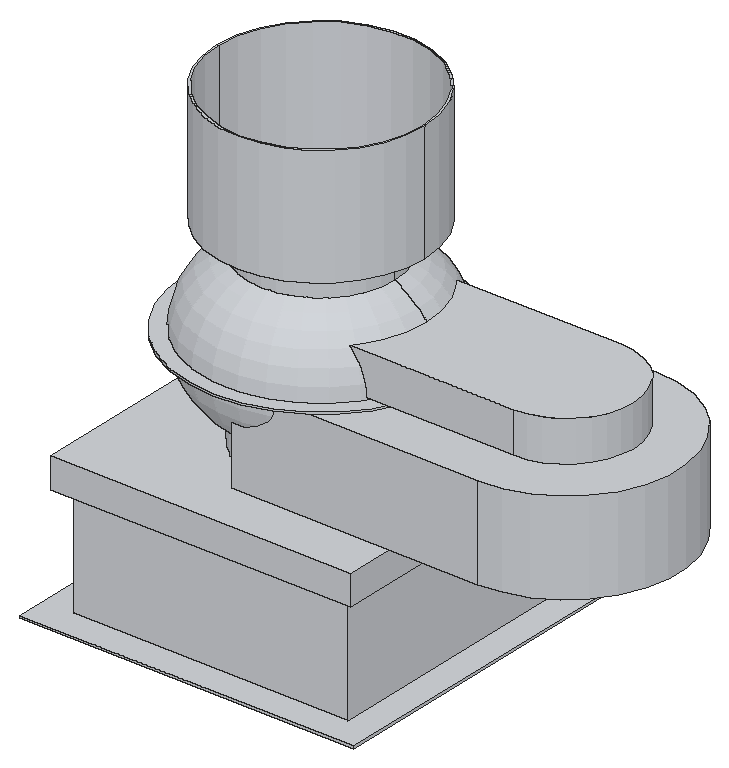
Revit family "UCV", category Mechanical Equipment, Revit 2019
Family settings
  Round Connector Dimension = Use Diameter
  Part Type = Normal
  Work Plane-Based = No
  Always vertical = Yes
  Cut with Voids When Loaded = No
  Shared = No
  Room Calculation Point = No
Parameters (values of type "10_UCV")
  WB_E = 1' - 2"
  WB_B = 0' - 8"
  Unit Weight [instance] = ""
  T_SQ/2 = T_SQ / 2  # 0' - 10"
  T_SQ = 1' - 8"
  Sones [instance] = ""
  SIZE/2 = SIZE / 2  # 0' - 5"
  SIZE = 0' - 10"
  RO/2 = RO / 2  # 0' - 7 3/4"
  RO = T_SQ - 0' 4 1/2"  # 1' - 3 1/2"
  Motor RPM [instance] = ""
  Motor Enclosure [instance] = ""
  ModelID [instance] = ""
  LwA [instance] = ""
  G-.125" = G - 0' 0 1/8"  # 0' - 1 7/8"
  G+2.5" = 0' - 2 1/2"
  G+(C/2) = G + (C / 2) - 0' 1"  # 0' - 8 3/4"
  G = 0' - 2"
  Fan RPM [instance] = ""
  F/2 = F / 2  # 0' - 9 1/16"
  F = 1' - 6 1/8"
  E/2 = E / 2  # 0' - 7 1/2"
  E = 1' - 3"
  D/2 = D / 2  # 0' - 8 3/32"
  D = 1' - 4 3/16"
  CURB_HEIGHT [instance] = 0' - 9 1/2"
  CURB [instance] = yes
  C/2 = C / 2  # 0' - 7 3/4"
  C-2" = C - 0' 2"  # 1' - 1 1/2"
  C = 1' - 3 1/2"
  B/2 = B / 2  # 0' - 2 5/16"
  B = 0' - 4 5/8"
  Accessories [instance] = ""
  A/2 = A / 2  # 0' - 11 3/4"
  A = 1' - 11 1/2"
  3" = 0' - 3"  # constant formula
  Brake Hp [instance] = ""
  4" = 0' - 4"  # constant formula
  2' = 2' - 0"
  2" = 0' - 2"  # constant formula
  1" = 0' - 1"  # constant formula
  0 = 0' - 0"  # constant formula
  Voltage [instance] = 0 V
  URL = "www.lorencook.com"
  Type Comments = "Upblast Centri-Vane All Aluminum Inline Centrifugal Blower Roof Mounted/Belt Drive"  # constant formula
  Static Pressure [instance] = 0.00 in-wg
  Power [instance] = Voltage * Motor FLA * sqrt(if(Phase = 3, 3, 1))  # 0 VA
  Phase [instance] = 0
  Number of Poles [instance] = 1
  Motor Hp [instance] = "0"
  Motor FLA [instance] = 0 A
  Model = "UCV"  # constant formula
  Manufacturer = "Loren Cook Company"
  CFM [instance] = 0 CFM
  1.5 = 0' - 1 1/2"  # constant formula
  ONE EIGTH = 0' - 0 1/8"  # constant formula
  (WB_E)/2 = WB_E / 2  # 0' - 7"
  (T_SQ/2)+.125" = (T_SQ / 2) + 0' 0 1/8"  # 0' - 10 1/8"
  (SIZE/2)*.66 = (SIZE / 2) * 0.66  # 0' - 3.3"
  (D+1")/2 = (D + 0' 2") / 2  # 0' - 9 3/32"
Types (11): name | WB_E | WB_B | T_SQ/2 | T_SQ | SIZE/2 | SIZE | RO/2 | RO | G-.125" | G+2.5" | G+(C/2) | G | F/2 | F | E/2 | E | D/2 | D | C/2 | C-2" | C | B/2 | B | A/2 | A | (WB_E)/2 | (T_SQ/2)+.125" | (SIZE/2)*.66 | (D+1")/2
  (no name) | 1' - 2" | 0' - 8" | 0' - 10" | 1' - 8" | 0' - 5" | 0' - 10" | 0' - 7 3/4" | 1' - 3 1/2" | 0' - 1 7/8" | 0' - 2 1/2" | 0' - 8 3/4" | 0' - 2" | 0' - 9 1/16" | 1' - 6 1/8" | 0' - 7 1/2" | 1' - 3" | 0' - 8 3/32" | 1' - 4 3/16" | 0' - 7 3/4" | 1' - 1 1/2" | 1' - 3 1/2" | 0' - 2 5/16" | 0' - 4 5/8" | 0' - 11 3/4" | 1' - 11 1/2" | 0' - 7" | 0' - 10 1/8" | 0' - 3.3" | 0' - 9 3/32"
  10_UCV | 1' - 2" | 0' - 8" | 0' - 10" | 1' - 8" | 0' - 5" | 0' - 10" | 0' - 7 3/4" | 1' - 3 1/2" | 0' - 1 7/8" | 0' - 2 1/2" | 0' - 8 3/4" | 0' - 2" | 0' - 9 1/16" | 1' - 6 1/8" | 0' - 7 1/2" | 1' - 3" | 0' - 8 3/32" | 1' - 4 3/16" | 0' - 7 3/4" | 1' - 1 1/2" | 1' - 3 1/2" | 0' - 2 5/16" | 0' - 4 5/8" | 0' - 11 3/4" | 1' - 11 1/2" | 0' - 7" | 0' - 10 1/8" | 0' - 3.3" | 0' - 9 3/32"
  12_UCV | 1' - 4" | 0' - 9" | 0' - 10" | 1' - 8" | 0' - 6" | 1' - 0" | 0' - 7 3/4" | 1' - 3 1/2" | 0' - 1 7/8" | 0' - 4 1/2" | 0' - 9 9/16" | 0' - 2" | 1' - 1 31/32" | 2' - 3 15/16" | 0' - 7 1/2" | 1' - 3" | 0' - 9 9/16" | 1' - 7 1/8" | 0' - 8 9/16" | 1' - 3 1/8" | 1' - 5 1/8" | 0' - 2 1/2" | 0' - 5" | 1' - 0 9/16" | 2' - 1 1/8" | 0' - 8" | 0' - 10 1/8" | 0' - 3.96" | 0' - 10 9/16"
  14_UCV | 1' - 6" | 0' - 10" | 1' - 0" | 2' - 0" | 0' - 7" | 1' - 2" | 0' - 9 3/4" | 1' - 7 1/2" | 0' - 1 7/8" | 0' - 4 1/2" | 0' - 10 9/16" | 0' - 2" | 1' - 1 31/32" | 2' - 3 15/16" | 0' - 8" | 1' - 4" | 0' - 11" | 1' - 10" | 0' - 9 9/16" | 1' - 5 1/8" | 1' - 7 1/8" | 0' - 2 1/2" | 0' - 5" | 1' - 2 9/16" | 2' - 5 1/8" | 0' - 9" | 1' - 0 1/8" | 0' - 4.62" | 1' - 0"
  16_UCV | 1' - 9" | 0' - 11" | 1' - 0" | 2' - 0" | 0' - 8" | 1' - 4" | 0' - 9 3/4" | 1' - 7 1/2" | 0' - 1 7/8" | 0' - 4 1/2" | 0' - 11 25/32" | 0' - 2" | 1' - 1 31/32" | 2' - 3 15/16" | 0' - 8 1/2" | 1' - 5" | 1' - 0 7/16" | 2' - 0 7/8" | 0' - 10 25/32" | 1' - 7 9/16" | 1' - 9 9/16" | 0' - 2 1/2" | 0' - 5" | 1' - 3 25/32" | 2' - 7 9/16" | 0' - 10 1/2" | 1' - 0 1/8" | 0' - 5.28" | 1' - 1 7/16"
  18_UCV | 1' - 11" | 1' - 0" | 1' - 2" | 2' - 4" | 0' - 9" | 1' - 6" | 0' - 11 3/4" | 1' - 11 1/2" | 0' - 1 7/8" | 0' - 4 1/2" | 1' - 1 1/4" | 0' - 2" | 1' - 1 31/32" | 2' - 3 15/16" | 0' - 9 1/2" | 1' - 7" | 1' - 1 7/8" | 2' - 3 3/4" | 1' - 0 1/4" | 1' - 10 1/2" | 2' - 0 1/2" | 0' - 2 1/2" | 0' - 5" | 1' - 6 1/4" | 3' - 0 1/2" | 0' - 11 1/2" | 1' - 2 1/8" | 0' - 5.94" | 1' - 2 7/8"
  20_UCV | 2' - 1" | 1' - 1" | 1' - 2" | 2' - 4" | 0' - 10" | 1' - 8" | 0' - 11 3/4" | 1' - 11 1/2" | 0' - 1 7/8" | 0' - 4 1/2" | 1' - 2 1/4" | 0' - 2" | 1' - 6" | 3' - 0" | 0' - 9 1/2" | 1' - 7" | 1' - 3 1/4" | 2' - 6 1/2" | 1' - 1 1/4" | 2' - 0 1/2" | 2' - 2 1/2" | 0' - 3 3/8" | 0' - 6 3/4" | 1' - 7 1/4" | 3' - 2 1/2" | 1' - 0 1/2" | 1' - 2 1/8" | 0' - 6.6" | 1' - 4 1/4"
  24_UCV | 2' - 5" | 1' - 3" | 1' - 4" | 2' - 8" | 1' - 0" | 2' - 0" | 1' - 1 3/4" | 2' - 3 1/2" | 0' - 2 7/8" | 0' - 5 1/2" | 1' - 5 11/16" | 0' - 3" | 1' - 6" | 3' - 0" | 0' - 10 1/2" | 1' - 9" | 1' - 6 1/4" | 3' - 0 1/2" | 1' - 3 11/16" | 2' - 5 3/8" | 2' - 7 3/8" | 0' - 3 3/8" | 0' - 6 3/4" | 1' - 10 11/16" | 3' - 9 3/8" | 1' - 2 1/2" | 1' - 4 1/8" | 0' - 7.92" | 1' - 7 1/4"
  28_UCV | 2' - 9" | 1' - 5" | 1' - 6" | 3' - 0" | 1' - 2" | 2' - 4" | 1' - 3 3/4" | 2' - 7 1/2" | 0' - 2 7/8" | 0' - 5 1/2" | 1' - 8" | 0' - 3" | 1' - 9 1/16" | 3' - 6 1/8" | 1' - 2 1/2" | 2' - 5" | 1' - 9" | 3' - 6" | 1' - 6" | 2' - 10" | 3' - 0" | 0' - 4" | 0' - 8" | 2' - 2" | 4' - 4" | 1' - 4 1/2" | 1' - 6 1/8" | 0' - 9.24" | 1' - 10"
  32_UCV | 3' - 1" | 1' - 7" | 1' - 9" | 3' - 6" | 1' - 4" | 2' - 8" | 1' - 6 3/4" | 3' - 1 1/2" | 0' - 2 7/8" | 0' - 5 1/2" | 1' - 10 7/16" | 0' - 3" | 2' - 2" | 4' - 4" | 1' - 3" | 2' - 6" | 2' - 0" | 4' - 0" | 1' - 8 7/16" | 3' - 2 7/8" | 3' - 4 7/8" | 0' - 8 1/2" | 1' - 5" | 2' - 5 7/16" | 4' - 10 7/8" | 1' - 6 1/2" | 1' - 9 1/8" | 0' - 10.56" | 2' - 1"
  36_UCV | 3' - 5" | 1' - 9" | 2' - 0" | 4' - 0" | 1' - 4" | 2' - 8" | 1' - 9 3/4" | 3' - 7 1/2" | 0' - 2 7/8" | 0' - 5 1/2" | 2' - 0" | 0' - 3" | 2' - 7" | 5' - 2" | 1' - 4" | 2' - 8" | 2' - 2 11/16" | 4' - 5 3/8" | 1' - 10" | 3' - 6" | 3' - 8" | 0' - 8 3/4" | 1' - 5 1/2" | 2' - 8" | 5' - 4" | 1' - 8 1/2" | 2' - 0 1/8" | 0' - 10.56" | 2' - 3 11/16"
Reference planes (in)
  plane 1 "Center (Front/Back)": y = 0
  plane 2: z = 0
  plane 3 "Center (Left/Right)": x = 0.40541
Forms (in)
  Extrusion 1, solid
    sketch origin (0, 0, 0) x (1, 0, 0) y (0, 1, 0)
      loop
        line (-9.71959, 10.125) -> (-9.71959, -10.125) -> (10.53041, -10.125) -> (10.53041, 10.125) -> (-9.71959, 10.125)
    from 0 to 2 <- "G"
  Extrusion 2, void
    sketch origin (0, 0, 0) x (1, 0, 0) y (0, 1, 0)
      loop
        line (-9.59459, 10) -> (-9.59459, -10) -> (10.40541, -10) -> (10.40541, 10) -> (-9.59459, 10)
    from 0 to 1.875 <- "G-.125""
  Revolve 3, solid
    sketch origin (0, 0, 0) x (1, 0, 0) y (0, 0, 1)
      loop
        line (0.40541, 2) -> (5.40541, 2) -> (5.40541, 4)
        arc (5.40541, 4) -> (8.49916, 8.75) -> (5.40541, 13.5) r 5.19334
        line (5.40541, 13.5) -> (5.40541, 15.5) -> (0.40541, 15.5) -> (0.40541, 2)
      axis (0.40541, 15.5) -> (0.40541, 2)
    angle from 0 to 360
  Extrusion 4, solid
    sketch origin (0, 0, 0) x (1, 0, 0) y (0, 1, 0)
      loop
        line (0.40541, -3.175) -> (0.40541, -3.3) -> (9.49916, -3.3) -> (9.49916, 3.3) -> (0.40541, 3.3) -> (0.40541, 3.175) -> (9.37416, 3.175) -> (9.37416, -3.175) -> (0.40541, -3.175)
    from 2.5 <- "G+2.5"" to 8.75 <- "G+(C/2)"
  Revolve 5, solid
    sketch origin (0, 0, 0) x (1, 0, 0) y (0, 0, 1)
      loop
        line (8.49916, 8.875) -> (8.49916, 8.75) -> (9.49916, 8.75) -> (9.49916, 8.875) -> (8.49916, 8.875)
      axis (0.40541, 8.75) -> (0.40541, 8.875)
    angle from 0 to 360
  Extrusion 6, solid
    sketch origin (0, 0, 0) x (1, 0, 0) y (0, 1, 0)
      loop
        arc (16.99916, -7.5) -> (24.49916, 0) -> (16.99916, 7.5) r 7.5
        line (16.99916, 7.5) -> (0.40541, 7.5) -> (0.40541, -7.5) -> (16.99916, -7.5)
    from 2.5 <- "G+2.5"" to 8.75 <- "G+(C/2)"
  Extrusion 7, solid
    sketch origin (0, 0, 8.75) x (1, 0, 0) y (0, 1, 0)
      loop
        arc (16.99916, -4.5) -> (21.49916, 0) -> (16.99916, 4.5) r 4.5
        line (16.99916, 4.5) -> (0.40541, 4.5) -> (0.40541, -4.5) -> (16.99916, -4.5)
    from 0.25 to 3
  Revolve 8, solid
    sketch origin (0, 0, 0) x (1, 0, 0) y (0, 0, 1)
      loop
        line (7.28041, 23.5) -> (7.28041, 15.5) -> (7.40541, 15.5) -> (7.40541, 23.5) -> (7.28041, 23.5)
      axis (0.40541, 23.5) -> (0.40541, 15.5)
    angle from 0 to 360
  Extrusion 9, solid, visible <- "CURB"
    sketch origin (0, 0, 1.875) x (0, 1, 0) y (1, 0, 0)
      loop
        line (7.75, -7.34459) -> (7.75, 8.15541) -> (-7.75, 8.15541) -> (-7.75, -7.34459) -> (7.75, -7.34459)
      loop
        line (-9.25, 9.65541) -> (-9.25, -8.84459) -> (9.25, -8.84459) -> (9.25, 9.65541) -> (-9.25, 9.65541)
    from 0 to 9.5 <- "CURB_HEIGHT"
  Extrusion 10, solid, visible <- "CURB"
    sketch origin (0, 0, -7.625) x (-1, 0, 0) y (0, 1, 0)
      loop
        line (8.84459, -9.25) -> (8.84459, 9.25) -> (-9.65541, 9.25) -> (-9.65541, -9.25) -> (8.84459, -9.25)
      loop
        line (-11.65541, 11.25) -> (-11.65541, -11.25) -> (10.84459, -11.25) -> (10.84459, 11.25) -> (-11.65541, 11.25)
    from 0 to -0.125
Cuts and joins
  Extrusion 2 cuts Extrusion 1
Dimensions and locks (in)
  "(T_SQ/2)+.125"": Extrusion 1 sketch curve to plane 3 "Center (Left/Right)"
  "(T_SQ/2)+.125"": plane 3 "Center (Left/Right)" to Extrusion 1 sketch curve
  "(T_SQ/2)+.125"": plane 1 "Center (Front/Back)" to Extrusion 1 sketch curve
  "(T_SQ/2)+.125"": Extrusion 1 sketch curve to plane 1 "Center (Front/Back)"
  "T_SQ/2": Extrusion 2 sketch curve to plane 3 "Center (Left/Right)"
  "T_SQ/2": plane 3 "Center (Left/Right)" to Extrusion 2 sketch curve
  "T_SQ/2": plane 1 "Center (Front/Back)" to Extrusion 2 sketch curve
  "T_SQ/2": Extrusion 2 sketch curve to plane 1 "Center (Front/Back)"
  "0": Revolve 3 sketch curve to cut or joined group of Extrusion 1, Extrusion 2
  "C-2"": Revolve 3 sketch curve to Revolve 3 sketch curve
  "D/2": Revolve 3 sketch curve to plane 3 "Center (Left/Right)"
  "0": Revolve 3 sketch curve to plane 3 "Center (Left/Right)"  (x2)
  "SIZE/2": Revolve 3 sketch curve to plane 3 "Center (Left/Right)"
  "SIZE/2": plane 3 "Center (Left/Right)" to Revolve 3 sketch curve
  "2"": Revolve 3 sketch curve to Revolve 3 sketch curve  (x2)
  "(SIZE/2)*.66": plane 1 "Center (Front/Back)" to Extrusion 4 sketch curve  (x2)
  "ONE EIGTH": Extrusion 4 sketch curve to Extrusion 4 sketch curve  (x3)
  "0": Extrusion 4 sketch curve to plane 3 "Center (Left/Right)"  (x2)
  "(D+1")/2": plane 3 "Center (Left/Right)" to Extrusion 4 sketch curve
  "0": Revolve 5 sketch curve to Extrusion 4
  "ONE EIGTH": Revolve 5 sketch curve to Revolve 5 sketch curve
  "D/2": Revolve 5 sketch curve to plane 3 "Center (Left/Right)"
  "1"": Revolve 5 sketch curve to Revolve 5 sketch curve
  "0": Revolve 5 sketch curve to plane 3 "Center (Left/Right)"
  "E": Extrusion 4 to Extrusion 6 sketch curve
  "0": Extrusion 6 sketch curve to plane 1 "Center (Front/Back)"
  "0": Extrusion 4 to Extrusion 6 sketch curve
  "3"": Extrusion 6 to Extrusion 7 sketch curve  (x2)
  "E/2": Extrusion 4 to Extrusion 7 sketch curve
  "0": Extrusion 7 sketch curve to plane 3 "Center (Left/Right)"
  "0": Revolve 8 sketch curve to plane 3 "Center (Left/Right)"
  "WB_B": Revolve 8 sketch curve to Revolve 8 sketch curve
  "A": Revolve 8 sketch curve to level
  "(WB_E)/2": Revolve 8 sketch curve to Revolve 8 sketch curve
  "ONE EIGTH": Revolve 8 sketch curve to Revolve 8 sketch curve
  "0": Extrusion 6 sketch curve to plane 3 "Center (Left/Right)"
  Extrusion 6 sketch curve to plane 1 "Center (Front/Back)" = 0' - 7 1/2"
  "E/2": Extrusion 6 sketch curve to plane 1 "Center (Front/Back)"
  "1.5": Extrusion 9 sketch curve to Extrusion 9 sketch curve  (x4)
  "RO/2": Extrusion 9 sketch curve to plane 3 "Center (Left/Right)"
  "RO/2": plane 3 "Center (Left/Right)" to Extrusion 9 sketch curve
  "RO/2": plane 1 "Center (Front/Back)" to Extrusion 9 sketch curve
  "RO/2": Extrusion 9 sketch curve to plane 1 "Center (Front/Back)"
  "2"": Extrusion 10 sketch curve to Extrusion 10 sketch curve  (x4)
  "0": Extrusion 10 sketch curve to Extrusion 9  (x3)
  "0": Extrusion 9 to Extrusion 10 sketch curve
Automatic sketch dimensions
  Revolve 3 sketch curve to level = 0' - 3"
  Revolve 3 sketch curve to Revolve 3 sketch curve = 0' - 0"
  Revolve 5 sketch curve to Revolve 5 sketch curve = 0' - 10.22759"
  Revolve 5 sketch curve to Revolve 5 sketch curve = 0' - 4"
  Extrusion 7 sketch curve to Extrusion 7 sketch curve = 0' - 0"
  Revolve 8 sketch curve to Revolve 8 sketch curve = 0' - 6.32766"
  Revolve 8 sketch curve to Revolve 8 sketch curve = 2' - 0.32766"
  Extrusion 6 sketch curve to Extrusion 6 sketch curve = 0' - 0"
Connectors (in)
  electrical at (8.70229, 0, 2.5)
    settings: on Extrusion 6, index 2, voltage 0 V, apparent load 0 VA, apparent load phase1 0 VA, apparent load phase2 0 VA, apparent load phase3 0 VA, power factor 1, load classification "Other", number of poles 1, system type 30, power factor state 1, is connector primary yes, connector utility no, sub classification motor no, connector description ""
  hvac at (0.40541, 0, 2), driven by "RO", driven by "RO", driven by "CFM"
    settings: on cut or joined group of Extrusion 1, Extrusion 2, index 3, duct flow 0 CFM, flow factor 0, pres drop 0.00 in-wg, loss coef 0, conn angle 0.00°, conn width 15 1/2", conn height 15 1/2", conn diameter 24", duct sys type 3, conn prof type 1, flow config 0, flow direction 1, loss method 0, conn ref index -1, conn util no, is conn primary yes, conn desc ""
